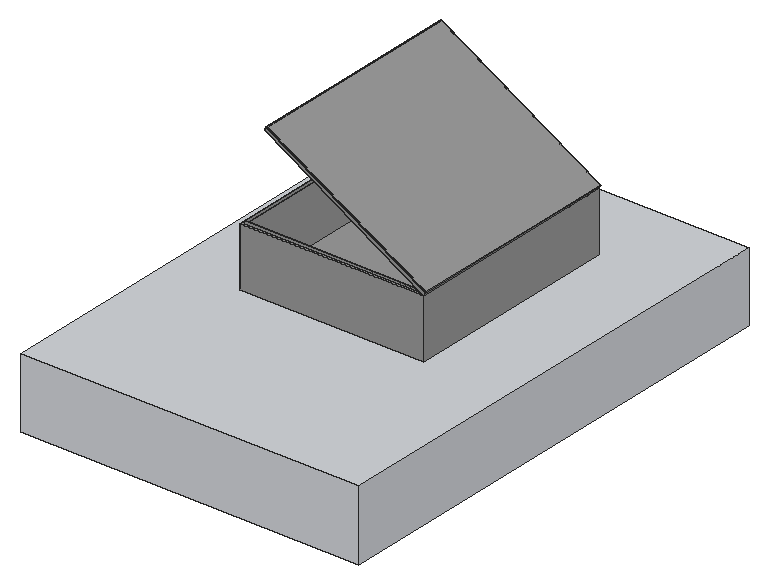
Revit family "Hager-Univers-IP55-D275-H950-Cl.I-Steel_encl-PL-pl", category Equipement électrique, Revit 2020
Family settings
  Hôte = Face
  Configuration du panneau = Deux colonnes, circuits au sein
  Cote de connecteur circulaire = Utiliser le diamètre
  Type d'élément = Tableau de raccordement
  Couper avec des vides une fois chargée = Non
  Partagée = Non
  Point de calcul de pièce = Non
Parameters (values of type "Montaż natynkowy IP55 S800 W950 G275  - FR63E")
  Width Control [instance] = if([EF000008 - Szerokość] > Min Width, [EF000008 - Szerokość], Min Width)  # 800 mm
  Commentaires du type = [HG000003 - Zakres]  # "Univers"
  Thickness Door [instance] = if([EF009171 - Drzwi/pokrywa z materiału o wysokiej wytrzymałości mechanicznej] > 3 mm, 3 mm, [EF009171 - Drzwi/pokrywa z materiału o wysokiej wytrzymałości mechanicznej])  # 1.5 mm
  Seal Frame Offset [instance] = 17 mm  # constant formula
  Plinth Visibility [instance] = [HG000027 - Wysokość cokołu] > 0 mm  # no
  Model = ""
  Min Width [instance] = 100 mm  # constant formula
  Min Height [instance] = 100 mm  # constant formula
  Min Depth [instance] = (2 * [EF009170 - Obudowa z materiału o wysokiej wytrzymałości mechanicznej]) + 1 mm  # 4 mm
  Internal Frame Depth [instance] = (Door System Depth * 0.5)  # 9 mm
  Height Control [instance] = if([EF000040 - Wysokość] > Min Height, [EF000040 - Wysokość], Min Height)  # 950 mm
  HG000027 - Wysokość cokołu = 0 mm
  HG000026 - Stojąca = no
  HG000024 - Wysokość części dolnej = 800 mm
  HG000023 - Obudowa dwusekcyjna = no
  HG000016 - Widoczność drzwi w widoku 3D [instance] = yes
  HG000015 - Przestrzeń robocza - otwarcie drzwi [instance] = no
  HG000014 - Drzwi prawe [instance] = yes
  HG000013 - Drzwi lewe [instance] = not([HG000014 - Drzwi prawe])  # no
  HG000012 - Kąt otwarcia drzwi [instance] = 30.00°
  HG000010 - Drzwi asymetryczne = no
  HG000009 - Drzwi dwuskrzydłowe = no
  HG000006 - Montaż podtynkowy = no
  HG000004 - Referencja producenta = "FR63E"
  HG000003 - Zakres = "Univers"
  HG000002 - Z drzwiami lub pokrywą = yes
  Frame Offset Bottom [instance] = 10 mm  # constant formula
  Frame Offset [instance] = 15 mm  # constant formula
  EF015940 - Pokrywa z wyzwalaczem nadciśnieniowym = no
  EF011959 - Stopień ochrony (NEMA) = ""
  EF009554 - Liczba otworów pod flansze = 6
  Fabricant = "Hager"  # constant formula
  EF009212 - Wykonanie pokrywy = "EV000116 - Zamknięty"
  EF009171 - Drzwi/pokrywa z materiału o wysokiej wytrzymałości mechanicznej = 1.5 mm
  EF009170 - Obudowa z materiału o wysokiej wytrzymałości mechanicznej = 1.5 mm
  EF008873 - Prąd znamionowy (In) = 800 A
  EF007800 - Do ochrony odgromowej = no
  EF006306 - Z zamkiem = no
  EF006244 - Transparentna pokrywa/drzwi = no
  EF005474 - Stopień ochrony (IP) = "EV006420 - IP55"
  EF004464 - Rodzaj drzwi = "EV002646 - Pojedynczy"
  EF004427 - Liczba modułów = 216
  EF004293 - Odporność udarowa = "EV008784 - IK10"
  EF003532 - Do zastosowań zewnętrznych = no
  EF002950 - Szerokość wyrażona liczbą modułów = 24
  EF001613 - Podtrzymanie funkcji = "EV000494 - Brak"
  EF001596 - Materiał obudowy = "EV000179 - Stal"
  EF001131 - Głębokość wewnętrzna = 275 mm
  EF001088 - Możliwość rozbudowy = yes
  EF000437 - Liczba wejść kablowych = 6
  EF000339 - Rodzaj pokrywy = "EV004216 - Drzwi"
  EF000266 - Liczba rzędów = 6
  EF000218 - Głębokość wbudowania = 0 mm
  EF000118 - Z płytą montażową = no
  EF000116 - Numer RAL = "7035"
  EF000049 - Głębokość = 275 mm
  EF000040 - Wysokość = 950 mm
  EF000008 - Szerokość = 800 mm
  EF000007 - Kolor = "EV000270 - Szary"
  EF000003 - Sposób montażu = "EV000384 - Montaż natynkowy"
  Door System Leaf Tolerance [instance] = 1.5 mm  # constant formula
  Door System Depth [instance] = 18 mm  # constant formula
  Door Height [instance] = Height Control - [HG000027 - Wysokość cokołu]  # 950 mm
  Depth Control [instance] = if([EF000049 - Głębokość] > Min Depth, [EF000049 - Głębokość], Min Depth)  # 275 mm
  Default Elevation = 0 mm
  Connector Offset [instance] = Height Control / 2  # 475 mm
  Bottom Top Plate Trim [instance] = 1.5 mm  # constant formula
  Plinth height Ctrl [instance] = if([HG000027 - Wysokość cokołu] > 0 mm, [HG000027 - Wysokość cokołu], 12 mm)  # 12 mm
Types (5, lengths in mm): name | Width Control | HG000010 - Drzwi asymetryczne | HG000009 - Drzwi dwuskrzydłowe | HG000004 - Referencja producenta | EF009554 - Liczba otworów pod flansze | EF004464 - Rodzaj drzwi | EF004427 - Liczba modułów | EF000437 - Liczba wejść kablowych | EF000008 - Szerokość
  Montaż natynkowy IP55 S1050 W950 G275  - FR64E | 1050 | no | yes | "FR64E" | 8 | "EV003602 - Podwójny" | 288 | 8 | 1050
  Montaż natynkowy IP55 S1300 W950 G275  - FR65E | 1300 | yes | yes | "FR65E" | 10 | "EV003602 - Podwójny" | 360 | 10 | 1300
  Montaż natynkowy IP55 S300 W950 G275  - FR61E | 300 | no | no | "FR61E" | 2 | "EV002646 - Pojedynczy" | 72 | 2 | 300
  Montaż natynkowy IP55 S550 W950 G275  - FR62E | 550 | no | no | "FR62E" | 4 | "EV002646 - Pojedynczy" | 144 | 4 | 550
  Montaż natynkowy IP55 S800 W950 G275  - FR63E | 800 | no | no | "FR63E" | 6 | "EV002646 - Pojedynczy" | 216 | 6 | 800
Reference planes
  plane 1 "Center (Front/Back)": y = 0
  plane 2: z = 0
  plane 3 "Center (Left/Right)": x = 0
  plane 4: z = 275
  plane 5: y = 1.5
  plane 6: y = 475
  plane 7: y = 0
  plane 8: y = 950
  plane 9: z = 0
  plane 10: x = -385
  plane 11: x = 385
  plane 12: x = 383.5
  plane 13: x = -383.5
  plane 14: y = 948.5
  plane 15: x = -383
  plane 16: x = -400
  plane 17: x = 383
  plane 18: x = 400
  plane 19: x = 398.5
  plane 20: x = -398.5
  plane 21: y = 11.5
  plane 22: y = 950
  plane 23: y = 933.5
  plane 24: z = 257
  plane 25: z = 1.5
  plane 26: z = 255.5
  plane 27: z = 273.5
Forms (mm)
  Extrusion 1, solid
    sketch origin (0, 0, 0) x (1, 0, 0) y (0, 1, 0)
      loop
        line (-702.964, 1305) -> (-702.964, -811.445) -> (766.763, -811.445) -> (766.763, 1305) -> (-702.964, 1305)
    from 0 to -304.8
  Extrusion 2, solid, material "Hager_Steel_RAL7035_Light_Grey", visible <- "Plinth Visibility", detail levels medium+fine
    sketch origin (0, 0, 0) x (1, 0, 0) y (0, 1, 0)
      loop
        line (-400, 0) -> (400, 0) -> (400, 12) -> (-400, 12) -> (-400, 0)
    from 0 to 257
  Extrusion 3, solid, material "Hager_Steel_RAL7035_Light_Grey", detail levels medium+fine
    sketch origin (0, 0, 0) x (1, 0, 0) y (0, 1, 0)
      loop
        line (-400, 0) -> (400, 0) -> (400, 950) -> (-400, 950) -> (-400, 0)
    from 0 to 257
  Extrusion 4, void
    sketch origin (0, 0, 0) x (1, 0, 0) y (0, 1, 0)
      loop
        line (-398.5, 1.5) -> (398.5, 1.5) -> (398.5, 948.5) -> (-398.5, 948.5) -> (-398.5, 1.5)
    from 1.5 to 255.5
  Extrusion 5, void
    sketch origin (-381.607, -4572, 257) x (0, -1, 0) y (-1, 0, 0)
      loop
        line (-4583.5, 1.893) -> (-5505.5, 1.893) -> (-5505.5, -765.107) -> (-4583.5, -765.107) -> (-4583.5, 1.893)
    from 0 to 1.5 <- "EF009170 - Obudowa z materiału o wysokiej wytrzymałości mechanicznej"
  Extrusion 6, solid, material "Hager_Steel_RAL7035_Light_Grey", detail levels fine
    sketch origin (0, 0, 257) x (1, 0, 0) y (0, 1, 0)
      loop
        line (-383.5, 933.5) -> (-383.5, 11.5) -> (383.5, 11.5) -> (383.5, 933.5) -> (-383.5, 933.5)
      loop
        line (-385, 10) -> (385, 10) -> (385, 935) -> (-385, 935) -> (-385, 10)
    from 0 to 9 <- "Internal Frame Depth"
  Extrusion 7, solid, material "Hager_Steel_RAL7035_Light_Grey", detail levels coarse
    sketch origin (0, 0, 0) x (1, 0, 0) y (0, 1, 0)
      loop
        line (-400, 0) -> (400, 0) -> (400, 950) -> (-400, 950) -> (-400, 0)
    from 0 to 275
  Sweep 8, void
    path in 3D
      loop
        line (-400, 12, 0) -> (400, 12, 0) -> (400, 12, 257) -> (-400, 12, 257) -> (-400, 12, 0)
    profile origin (-400, 12, 128.5) x (-1, 0, 0) y (0, -1, 0)
      loop
        line (0, 0) -> (0, 1.5) -> (-1.5, 1.5)
        arc (-1.5, 1.5) -> (-1.061, 0.439) -> (0, 0) r 1.5
Cuts and joins
  Extrusion 4, Extrusion 5 cuts Extrusion 3
  Sweep 8 cuts Extrusion 2
Lines and regions (mm)
  Masking region 1
    outline origin (0, 0, 0) x (1, 0, 0) y (0, 0, 1)
      loop
        line (-400, 275) -> (-400, 0) -> (400, 0) -> (400, 275) -> (-400, 275)
  Masking region 2, detail levels medium+fine
    outline origin (0, 140, 0) x (0, 1, 0) y (0, 0, 1)
      loop
        line (-140, 0) -> (810, 0) -> (810, 257) -> (-140, 257) -> (-140, 0)
  Masking region 3, not visible, detail levels medium+fine
    outline origin (0, 297.922, 0) x (0, 1, 0) y (0, 0, 1)
      loop
        line (188.578, 0) -> (228.578, 0) -> (228.578, 263.5)
        arc (228.578, 263.5) -> (225.649, 270.571) -> (218.578, 273.5) r 10
        line (218.578, 273.5) -> (188.578, 273.5) -> (188.578, 0)
  Masking region 4, detail levels coarse
    outline origin (0, 0, 180) x (0, 1, 0) y (0, 0, 1)
      loop
        line (0, -180) -> (950, -180) -> (950, 95) -> (0, 95) -> (0, -180)
  Masking region 5, visible <- "Plinth Visibility", detail levels medium+fine
    outline origin (0, 52.24, 12.345) x (0, 0, -1) y (0, 1, 0)
      loop
        line (10.845, -40.24) -> (-243.155, -40.24)
        arc (-243.155, -40.24) -> (-243.594, -41.301) -> (-244.655, -41.74) r 1.5
        line (-244.655, -41.74) -> (-244.655, -52.24) -> (12.345, -52.24) -> (12.345, -41.74)
        arc (12.345, -41.74) -> (11.285, -41.301) -> (10.845, -40.24) r 1.5
  Masking region 6, detail levels medium+fine
    outline origin (-381.607, -4572, 257) x (-1, 0, 0) y (0, -1, 0)
      loop
        line (18.393, -5522) -> (18.393, -4572) -> (-781.607, -4572) -> (-781.607, -5522) -> (18.393, -5522)
  Masking region 7, visible <- "Plinth Visibility", detail levels medium+fine
    outline origin (-381.607, -4727, 257) x (-1, 0, 0) y (0, -1, 0)
      loop
        arc (16.893, -4739) -> (17.332, -4737.939) -> (18.393, -4737.5) r 1.5
        line (18.393, -4737.5) -> (18.393, -4727) -> (-781.607, -4727) -> (-781.607, -4737.5)
        arc (-781.607, -4737.5) -> (-780.546, -4737.939) -> (-780.107, -4739) r 1.5
        line (-780.107, -4739) -> (16.893, -4739)
  Masking region 8, detail levels coarse
    outline origin (-442.548, -4669.526, 257) x (-1, 0, 0) y (0, -1, 0)
      loop
        line (-42.548, -5619.526) -> (-42.548, -4669.526) -> (-842.548, -4669.526) -> (-842.548, -5619.526) -> (-42.548, -5619.526)
  sketch lines
    curve 1: line (-400, 12, 257) -> (-400, 12, 0)
    curve 2: line (400, 12, 257) -> (-400, 12, 257)
    curve 3: line (400, 12, 257) -> (400, 12, 0)
    curve 4: line (-400, 12, 0) -> (400, 12, 0)
Dimensions and locks
  "Depth Control": plane 4 to Extrusion 1
  "HG000027 - Wysokość cokołu": plane 1 "Center (Front/Back)" to plane 7
  "EF009170 - Obudowa z materiału o wysokiej wytrzymałości mechanicznej": plane 5 to plane 7
  locked: connector elem to plane 3 "Center (Left/Right)"
  equal spacing: plane 8, plane 6, plane 7
  locked: connector elem to plane 6
  "EF009170 - Obudowa z materiału o wysokiej wytrzymałości mechanicznej": plane 8 to plane 14
  "EF009170 - Obudowa z materiału o wysokiej wytrzymałości mechanicznej": plane 10 to plane 13
  "EF009170 - Obudowa z materiału o wysokiej wytrzymałości mechanicznej": plane 12 to plane 11
  "Frame Offset": plane 20 to plane 13
  "Frame Offset": plane 12 to plane 19
  "EF009170 - Obudowa z materiału o wysokiej wytrzymałości mechanicznej": plane 16 to plane 20
  "EF009170 - Obudowa z materiału o wysokiej wytrzymałości mechanicznej": plane 19 to plane 18
  "Seal Frame Offset": plane 16 to plane 15
  "Seal Frame Offset": plane 17 to plane 18
  "Frame Offset Bottom": plane 21 to plane 5
  "Frame Offset": plane 14 to plane 23
  equal spacing: plane 16, plane 3 "Center (Left/Right)", plane 18
  "Width Control": plane 16 to plane 18
  "EF009170 - Obudowa z materiału o wysokiej wytrzymałości mechanicznej": plane 4 to plane 27
  "EF009170 - Obudowa z materiału o wysokiej wytrzymałości mechanicznej": plane 24 to plane 26
  "EF009170 - Obudowa z materiału o wysokiej wytrzymałości mechanicznej": plane 25 to level
  "Door System Depth": plane 4 to plane 24
  "Height Control": plane 1 "Center (Front/Back)" to Extrusion 7 sketch curve
  "Height Control": Masking region 4 sketch curve to plane 1 "Center (Front/Back)"
  "Height Control": plane 1 "Center (Front/Back)" to plane 22
  "Bottom Top Plate Trim": profile plane to Sweep 8 sketch curve
  "Bottom Top Plate Trim": Sweep 8 sketch curve to profile plane
  "Plinth height Ctrl": plane 1 "Center (Front/Back)" to Extrusion 2 sketch curve
  "Plinth height Ctrl": Masking region 5 sketch curve to plane 1 "Center (Front/Back)"
  "Plinth height Ctrl": plane 1 "Center (Front/Back)" to Masking region 7 sketch curve
  "Thickness Door": Extrusion 6 sketch curve to Extrusion 6 sketch curve  (x3)
  "Thickness Door": cut or joined group of Extrusion 3, Extrusion 4, Extrusion 5 to Extrusion 6 sketch curve
  radius of Masking region 3 sketch curve = 10 mm
  "Bottom Top Plate Trim": radius of Masking region 5 sketch curve  (x2)
  "Bottom Top Plate Trim": radius of Sweep 8 sketch curve
  "Bottom Top Plate Trim": radius of Masking region 7 sketch curve  (x2)
  aligned and locked: plane 2 to Extrusion 1
  aligned and locked: level to Extrusion 1
  aligned and locked: level to Masking region 1 sketch curve
  aligned and locked: Masking region 1 sketch curve to plane 18
  aligned and locked: Masking region 1 sketch curve to plane 16
  aligned and locked: plane 7 to Masking region 2 sketch curve
  aligned and locked: level to Masking region 3 sketch curve
  aligned and locked: Masking region 3 sketch curve to plane 27
  aligned and locked: level to Masking region 2 sketch curve
  aligned and locked: plane 1 "Center (Front/Back)" to Extrusion 2 sketch curve
  aligned and locked: Extrusion 3 sketch curve to plane 7
  aligned and locked: plane 16 to Extrusion 3 sketch curve
  aligned and locked: plane 18 to Extrusion 3 sketch curve
  aligned and locked: plane 20 to Extrusion 4 sketch curve
  aligned and locked: plane 19 to Extrusion 4 sketch curve
  aligned and locked: Extrusion 4 sketch curve to plane 5
  aligned and locked: Extrusion 4 to plane 25
  aligned and locked: plane 26 to Extrusion 4
  aligned and locked: plane 24 to Extrusion 3
  aligned and locked: Extrusion 5 sketch curve to plane 21
  aligned and locked: Extrusion 5 sketch curve to plane 13
  aligned and locked: Extrusion 5 sketch curve to plane 12
  aligned and locked: plane 18 to Extrusion 7 sketch curve
  aligned and locked: plane 1 "Center (Front/Back)" to Extrusion 7 sketch curve
  aligned and locked: plane 16 to Extrusion 7 sketch curve
  aligned and locked: plane 4 to Extrusion 7
  aligned and locked: Extrusion 7 to level
  aligned and locked: level to Masking region 4 sketch curve
  aligned and locked: Masking region 4 sketch curve to plane 1 "Center (Front/Back)"
  aligned and locked: Masking region 4 sketch curve to plane 4
  aligned and locked: nested 1 to level
  aligned and locked: nested 1 to plane 16
  aligned and locked: plane 8 to Extrusion 3 sketch curve
  aligned and locked: plane 23 to Extrusion 5 sketch curve
  aligned and locked: plane 14 to Extrusion 4 sketch curve
  aligned and locked: Masking region 2 sketch curve to plane 8
  aligned and locked: level to Masking region 5 sketch curve
  aligned and locked: plane 16 to Extrusion 2 sketch curve
  aligned and locked: plane 18 to Extrusion 2 sketch curve
  aligned and locked: Masking region 5 sketch curve to plane 24
  aligned and locked: Masking region 2 sketch curve to plane 24
  aligned and locked: plane 24 to Extrusion 2
  aligned and locked: profile plane to Sweep 8 sketch curve  (x2)
  aligned and locked: Masking region 6 sketch curve to plane 18
  aligned and locked: Masking region 6 sketch curve to plane 22
  aligned and locked: Masking region 6 sketch curve to plane 16
  aligned and locked: plane 8 to plane 22
  aligned and locked: Masking region 6 sketch curve to plane 7
  aligned and locked: Masking region 7 sketch curve to plane 16
  aligned and locked: Masking region 7 sketch curve to plane 1 "Center (Front/Back)"
  aligned and locked: Masking region 7 sketch curve to plane 18
  aligned and locked: Masking region 8 sketch curve to plane 1 "Center (Front/Back)"
  aligned and locked: Masking region 8 sketch curve to plane 18
  aligned and locked: Masking region 8 sketch curve to plane 22
  aligned and locked: Masking region 8 sketch curve to plane 16
  aligned and locked: nested 2 to plane 7
  aligned and locked: plane 3 "Center (Left/Right)" to nested 2
  aligned and locked: nested 2 to plane 24
  aligned and locked: Extrusion 6 sketch curve to cut or joined group of Extrusion 3, Extrusion 4, Extrusion 5  (x4)
Automatic sketch dimensions
  Extrusion 1 sketch curve to Extrusion 1 sketch curve = 1469.727 mm
  Extrusion 1 sketch curve to Extrusion 1 sketch curve = 2116.445 mm
  Masking region 1 sketch curve to plane 4 = 0 mm
  plane 6 to Masking region 3 sketch curve = 11.5 mm
  Masking region 3 sketch curve to Masking region 3 sketch curve = 30 mm
  Masking region 5 sketch curve to plane 1 "Center (Front/Back)" = 0 mm
Nested families
  nested 1: "Hager_Enclosure_Symbol" at (-400, 0, 0) x (1, 0, 0) z (0, -1, 0), Height <- "Depth Control", Width <- "Width Control", type "Hager_Enclosure_Symbol"
    with Width_Ctrl 800 mm, Width 800 mm, Height_Ctrl 275 mm, Height 275 mm, A_Width_Int 18.047 mm, A_Width 216.562 mm, A_Height_Ctrl 240.625 mm, A_Height 240.625 mm
  nested 2: "EC000058_Univers_Door" at (0, 0, 257) x (1, 0, 0) z (0, 1, 0), Leaf_Tolerance <- "Door System Leaf Tolerance", Angle <- "HG000012 - Kąt otwarcia drzwi", Door_Depth <- "Door System Depth", Door_Left <- "HG000013 - Drzwi lewe", Transparent <- "EF006244 - Transparentna pokrywa/drzwi", Assymetrical <- "HG000010 - Drzwi asymetryczne", Width <- "Width Control", Clearance <- "HG000015 - Przestrzeń robocza - otwarcie drzwi", Double <- "HG000009 - Drzwi dwuskrzydłowe", 3d_Door <- "HG000016 - Widoczność drzwi w widoku 3D", Lock_Visibility <- "EF006306 - Z zamkiem", Width_Ctrl <- "Width Control", Door_Right <- "HG000014 - Drzwi prawe", Door <- "HG000002 - Z drzwiami lub pokrywą", Height <- "Door Height", Thickness <- "Thickness Door", type "EC000058_Univers_Door", detail levels medium+fine
    with min_wh 4 mm, Width_Ctrl 800 mm, Width 800 mm, Transparent no, Thickness 1.5 mm, Seal_Material Hager_Rubber, Lock_Visibility no, Lock_Material Hager_Plastic_RAL9005_Jet_Black, Leaf_Width 800 mm, Leaf_Tolerance_External_Sides 0 mm, Leaf_Tolerance 1.5 mm, Leaf_Offset 0 mm, Leaf_Height 947 mm, Leaf_2_Width 800 mm, Leaf_2_Offset 400 mm, Leaf_1_Width 800 mm, Leaf_1_Offset 400 mm, Height_Ctrl 950 mm, Height 950 mm, Glass_Material Hager_Glass, Double_Clearance_Ctrl no, Double no, Door_Right_Ctrl yes, Door_Right yes, Door_Material Hager_Steel_RAL7035_Light_Grey, Door_Left_Ctrl no, Door_Left no, Door_Depth 18 mm, Door yes, Clearance_Material Hager_Clearance, Clearance_Depth 800 mm, Clearance_Ctrl no, Clearance no, Assymetrical no, Angle 30.00°, 3d_Door yes
Connectors
  electrical at (0, 475, 0)
    settings: on plane 9, index 1, voltage 0 V, apparent load 0 VA, apparent load phase1 0 VA, apparent load phase2 0 VA, apparent load phase3 0 VA, power factor 1, load classification "Other", number of poles 1, system type 30, power factor state 1, is connector primary yes, connector utility no, sub classification motor no, connector description ""
Definition of nested family "EC000058_Univers_Door"
  Parameters (values of type "EC000058_Univers_Door")
    min_wh [instance] = (2 * Thickness) + 1 mm  # 11 mm
    Width_Ctrl [instance] = 400 mm
    Width [instance] = 500 mm
    Transparent [instance] = yes
    Thickness [instance] = 5 mm
    Seal_Material [instance] = none
    Lock_Visibility [instance] = yes
    Lock_Material [instance] = none
    Leaf_Width [instance] = if((Width_Ctrl - 2 * Leaf_Tolerance_External_Sides) > 0 mm, (Width_Ctrl - 2 * Leaf_Tolerance_External_Sides), min_wh)  # 400 mm
    Leaf_Tolerance_External_Sides [instance] = 0 mm  # constant formula
    Leaf_Tolerance [instance] = 1.5 mm
    Leaf_Offset [instance] = 0 mm  # constant formula
    Leaf_Height [instance] = if((Height_Ctrl - 2 * Leaf_Tolerance) > 0 mm, (Height_Ctrl - 2 * Leaf_Tolerance), min_wh)  # 497 mm
    Leaf_2_Width [instance] = if(and(and(Double, Assymetrical), Door_Left), (Leaf_Width / 3) - (Leaf_Tolerance / 2), if(and(and(Double, Assymetrical), Door_Right), (Leaf_Width / 3) * 2 - (Leaf_Tolerance / 2), if(and(Double, not(Assymetrical)), (Leaf_Width / 2) - Leaf_Tolerance, Leaf_Width)))  # 400 mm
    Leaf_2_Offset [instance] = if(and(Double, Assymetrical), Leaf_2_Width / 2, if(and(Double, not(Assymetrical)), Leaf_Width / 4, Leaf_Width / 2))  # 200 mm
    Leaf_1_Width [instance] = if(and(and(Double, Assymetrical), Door_Right), (Leaf_Width / 3) - (Leaf_Tolerance / 2), if(and(and(Double, Assymetrical), Door_Left), (Width / 3) * 2 - (Leaf_Tolerance / 2), if(and(Double, not(Assymetrical)), (Leaf_Width / 2) - Leaf_Tolerance, Leaf_Width)))  # 400 mm
    Leaf_1_Offset [instance] = if(and(Double, Assymetrical), Leaf_1_Width / 2, if(and(Double, not(Assymetrical)), Leaf_Width / 4, Leaf_Width / 2))  # 200 mm
    Height_Ctrl [instance] = if(Height > min_wh, Height, min_wh)  # 500 mm
    Height [instance] = 500 mm
    Glass_Material [instance] = none
    Double_Clearance_Ctrl [instance] = and(Double, Clearance)  # no
    Double [instance] = no
    Door_Right_Ctrl [instance] = and(or(Door_Right, Double), Door)  # yes
    Door_Right [instance] = yes
    Door_Material [instance] = none
    Door_Left_Ctrl [instance] = and(or(Door_Left, Double), Door)  # no
    Door_Left [instance] = no
    Door_Depth [instance] = 30 mm
    Door [instance] = yes
    Default Elevation = 1219.2 mm
    Clearance_Material [instance] = none
    Clearance_Depth [instance] = if(Leaf_1_Width > Leaf_2_Width, Leaf_1_Width, Leaf_2_Width)  # 400 mm
    Clearance_Ctrl [instance] = and(not(Double), Clearance)  # yes
    Clearance [instance] = yes
    Assymetrical [instance] = yes
    Angle [instance] = 30.00°
    3d_Door [instance] = yes
  Reference planes
    plane 1 "Center (Front/Back)": y = 0
    plane 2 "Bottom": z = 0
    plane 3 "Center (Left/Right)": x = 0
    plane 4: z = 500
    plane 5: x = -200
    plane 6: x = 200
    plane 7: z = 500
    plane 8: x = -200
    plane 9: z = 0
    plane 10: x = 200
    plane 11: y = 0
    plane 12: z = 1.5
    plane 13: x = -600
    plane 14: y = -400
    plane 15: x = 600
    plane 16: x = 0
    plane 17: x = 0
    plane 18: x = -200
    plane 19: x = 200
    plane 20: z = 498.5
  Forms (mm)
    Extrusion 1, solid, material <- "Clearance_Material", visible <- "Double_Clearance_Ctrl"
      sketch origin (1200, 0, 0) x (1, 0, 0) y (0, 0, -1)
        loop
          line (-1800, -498.5) -> (-600, -498.5) -> (-600, 0) -> (-1800, 0) -> (-1800, -498.5)
      from 0 to -400
  Dimensions and locks
    equal spacing: plane 5, plane 3 "Center (Left/Right)", plane 6
    "Width_Ctrl": plane 5 to plane 6
    "Leaf_Offset": plane 5 to plane 8
    "Leaf_Offset": plane 6 to plane 10
    "Leaf_Offset": plane 9 to level
    "Leaf_Offset": plane 4 to plane 7
    "Height_Ctrl": plane 4 to level
    "Leaf_Tolerance": plane 12 to plane 9
    locked: plane 11 to plane 1 "Center (Front/Back)"
    "Leaf_1_Offset": plane 18 to plane 16
    "Leaf_2_Offset": plane 17 to plane 19
    "Leaf_1_Width": plane 13 to plane 8
    "Leaf_2_Width": plane 10 to plane 15
    "Clearance_Depth": plane 14 to plane 1 "Center (Front/Back)"
    "Leaf_Tolerance_External_Sides": plane 8 to plane 18
    "Leaf_Tolerance_External_Sides": plane 19 to plane 10
    "Leaf_Tolerance": plane 7 to plane 20
    aligned and locked: level to plane 2 "Bottom"
    aligned and locked: nested 1 to plane 16
    aligned and locked: nested 2 to plane 17
    aligned and locked: Extrusion 1 to plane 13
    aligned and locked: plane 15 to Extrusion 1
    aligned and locked: Extrusion 1 to plane 14
    aligned and locked: plane 12 to nested 1
    aligned and locked: nested 2 to plane 12
    aligned and locked: Extrusion 1 to plane 11
    aligned and locked: plane 20 to Extrusion 1
    aligned and locked: nested 2 to plane 11
    aligned and locked: nested 1 to plane 11
  Automatic sketch dimensions
    Extrusion 1 sketch curve to level = 0 mm
    plane 5 to Extrusion 1 sketch curve = 400 mm
    plane 6 to Extrusion 1 sketch curve = 400 mm
    Extrusion 1 sketch curve to plane 4 = 1.5 mm
  Nested families
    nested 1: "EC000058_Univers_Door_Leaf" at (0, 0, 1.5), Width <- "Leaf_1_Width", visible <- "Door_Left_Ctrl", Leaf_Height <- "Leaf_Height", Angle <- "Angle", 3d_Door <- "3d_Door", Transparent <- "Transparent", Clearance Material <- "Clearance_Material", Clearance <- "Clearance_Ctrl", Door_Material <- "Door_Material", Glass_Material <- "Glass_Material", Door_Depth <- "Door_Depth", Lock_Material <- "Lock_Material", Seal_Material <- "Seal_Material", Lock_Visibility <- "Lock_Visibility", Thickness <- "Thickness", type "EC000058_Univers_Door_Leaf"
      with Width 400 mm, Transparent_Glass_Offset 30 mm, Transparent_Ctrl yes, Transparent yes, Thickness 5 mm, Standard no, Seal_Material none, Seal_D2 8 mm, Seal_D1 1 mm, Offset_Internal_Frame 10 mm, Lock_Width 20 mm, Lock_Visibility_3d yes, Lock_Visibility yes, Lock_Thickness_3 3 mm, Lock_Thickness_2 1 mm, Lock_Thickness_1 3 mm, Lock_Radius_Offset_2 16 mm, Lock_Radius_Offset_1 15 mm, Lock_Radius_2 5 mm, Lock_Radius 6 mm, Lock_Offset 5 mm, Lock_Material none, Lock_Height 80 mm, Lock_Cover_Top_Offset_2d 17 mm, Lock_Cover_Height -65 mm, Leaf_Height 497 mm, Internal_Seal_Thickness 8 mm, Internal_Seal_Depth_2 4.5 mm, Internal_Frame_Depth 25 mm, Glass_Thickness -1 mm, Glass_Offset -2 mm, Glass_Material none, Door_Material none, Door_Depth 30 mm, Clearance Material none, Clearance yes, Angle_Ctrl 30.00°, Angle 30.00°, 3d_Door yes
    nested 2: "EC000058_Univers_Door_Leaf" at (0, 0, 1.5) x (-1, 0, 0) z (0, 0, 1), Width <- "Leaf_2_Width", visible <- "Door_Right_Ctrl", Leaf_Height <- "Leaf_Height", Angle <- "Angle", 3d_Door <- "3d_Door", Transparent <- "Transparent", Clearance Material <- "Clearance_Material", Clearance <- "Clearance_Ctrl", Door_Material <- "Door_Material", Glass_Material <- "Glass_Material", Door_Depth <- "Door_Depth", Lock_Material <- "Lock_Material", Seal_Material <- "Seal_Material", Lock_Visibility <- "Lock_Visibility", Thickness <- "Thickness", type "EC000058_Univers_Door_Leaf"
      with Width 400 mm, Transparent_Glass_Offset 30 mm, Transparent_Ctrl yes, Transparent yes, Thickness 5 mm, Standard no, Seal_Material none, Seal_D2 8 mm, Seal_D1 1 mm, Offset_Internal_Frame 10 mm, Lock_Width 20 mm, Lock_Visibility_3d yes, Lock_Visibility yes, Lock_Thickness_3 3 mm, Lock_Thickness_2 1 mm, Lock_Thickness_1 3 mm, Lock_Radius_Offset_2 16 mm, Lock_Radius_Offset_1 15 mm, Lock_Radius_2 5 mm, Lock_Radius 6 mm, Lock_Offset 5 mm, Lock_Material none, Lock_Height 80 mm, Lock_Cover_Top_Offset_2d 17 mm, Lock_Cover_Height -65 mm, Leaf_Height 497 mm, Internal_Seal_Thickness 8 mm, Internal_Seal_Depth_2 4.5 mm, Internal_Frame_Depth 25 mm, Glass_Thickness -1 mm, Glass_Offset -2 mm, Glass_Material none, Door_Material none, Door_Depth 30 mm, Clearance Material none, Clearance yes, Angle_Ctrl 30.00°, Angle 30.00°, 3d_Door yes
  Definition of nested family "EC000058_Univers_Door_Leaf"
    Parameters (values of type "EC000058_Univers_Door_Leaf")
      Width [instance] = 2000 mm
      Transparent_Glass_Offset [instance] = 30 mm
      Transparent_Ctrl [instance] = and(Transparent, [3d_Door])  # yes
      Transparent [instance] = yes
      Thickness [instance] = 5 mm
      Standard [instance] = and(not(Transparent), [3d_Door])  # no
      Seal_Material [instance] = none
      Seal_D2 [instance] = 8 mm  # constant formula
      Seal_D1 [instance] = 1 mm  # constant formula
      Offset_Internal_Frame [instance] = 10 mm  # constant formula
      Lock_Width [instance] = 20 mm  # constant formula
      Lock_Visibility_3d [instance] = and(Lock_Visibility, [3d_Door])  # yes
      Lock_Visibility [instance] = yes
      Lock_Thickness_3 [instance] = 3 mm  # constant formula
      Lock_Thickness_2 [instance] = 1 mm  # constant formula
      Lock_Thickness_1 [instance] = 3 mm  # constant formula
      Lock_Radius_Offset_2 [instance] = Lock_Radius_Offset_1 + 1 mm  # 16 mm
      Lock_Radius_Offset_1 [instance] = 15 mm  # constant formula
      Lock_Radius_2 [instance] = Lock_Radius - 1 mm  # 5 mm
      Lock_Radius [instance] = 6 mm  # constant formula
      Lock_Offset [instance] = 5 mm  # constant formula
      Lock_Material [instance] = none
      Lock_Height [instance] = 80 mm  # constant formula
      Lock_Cover_Top_Offset_2d [instance] = Lock_Radius_Offset_2 + 1 mm  # 17 mm
      Lock_Cover_Height [instance] = -(Lock_Height - Lock_Radius_Offset_1)  # -65 mm
      Leaf_Height [instance] = 2720.336 mm
      Internal_Seal_Thickness [instance] = 8 mm  # constant formula
      Internal_Seal_Depth_2 [instance] = 4.5 mm  # constant formula
      Internal_Frame_Depth [instance] = if(Door_Depth - Thickness > 5 mm, Door_Depth - Thickness, 5 mm)  # 25 mm
      Glass_Thickness [instance] = if(Thickness > 15 mm, Glass_Offset + 10 mm, -1 mm)  # -1 mm
      Glass_Offset [instance] = if(Thickness > 15 mm, -(Thickness + 10 mm) / 2, -2 mm)  # -2 mm
      Glass_Material [instance] = none
      Door_Material [instance] = none
      Door_Depth [instance] = 30 mm
      Default Elevation = 0 mm
      Clearance Material [instance] = none
      Clearance [instance] = yes
      Angle_Ctrl [instance] = if(Angle > 180.00°, 180.00°, Angle)  # 90.00°
      Angle [instance] = 90.00°
      3d_Door [instance] = yes
    Reference planes
      plane 1 "Center (Front/Back)": y = 0
      plane 2: z = 0
      plane 3 "Center (Left/Right)": x = 0
      plane 4: y = 2000
      plane 5: x = -1000
      plane 6: x = 1000
      plane 7: x = -3000
      plane 8: z = 2720.336
      plane 9: z = 30
      plane 10: z = 2690.336
      plane 11: x = 970
      plane 12: x = -970
      plane 13: y = -3
      plane 14: z = 107.833
      plane 15: y = -5
      plane 16: y = -223.314
      plane 17: x = -1000
      plane 18: z = 1360.168
      plane 19: y = 30
    Forms (mm)
      Extrusion 1, solid, material <- "Clearance Material", visible <- "Clearance"
        sketch origin (0, 0, 0) x (1, 0, 0) y (0, 0, 1)
          loop
            line (-3000, 2720.336) -> (-3000, 0) -> (1000, 0) -> (1000, 2720.336) -> (-3000, 2720.336)
        from 0 to -2000
      Extrusion 2, solid, material <- "Door_Material", visible <- "Standard", detail levels medium+fine
        sketch origin (-1000, 0, 0) x (0, 1, 0) y (-1, 0, 0)
          loop
            line (0, 30) -> (0, 25) -> (2000, 25) -> (2000, 30) -> (0, 30)
        from 0 to 2720.336 <- "Leaf_Height"
      Extrusion 3, solid, material <- "Door_Material", visible <- "Transparent_Ctrl", detail levels medium+fine
        sketch origin (-1000, 0, 0) x (0, 1, 0) y (-1, 0, 0)
          loop
            line (0, 25) -> (2000, 25) -> (2000, 30) -> (0, 30) -> (0, 25)
        from 0 to 2720.336 <- "Leaf_Height"
      Extrusion 4, void
        sketch origin (-1025, 2000, 0) x (0, 1, 0) y (0, 0, -1)
          loop
            line (-30, -2690.336) -> (-30, -30) -> (-1970, -30) -> (-1970, -2690.336) -> (-30, -2690.336)
        from 0 to 5 <- "Thickness"
      Sweep 5, solid, material <- "Seal_Material", visible <- "Transparent_Ctrl", detail levels fine
        path in 3D
          loop
            line (-1025, 30, 30) -> (-1025, 30, 2690.336) -> (-1025, 1970, 2690.336) -> (-1025, 1970, 30) -> (-1025, 30, 30)
        profile origin (-1025, 1000, 30) x (1, 0, 0) y (0, 0, 1)
          loop
            line (0, 0) -> (0, -8) -> (1, -8) -> (1, 0) -> (0, 0)
      Extrusion 6, solid, material <- "Glass_Material", visible <- "Transparent_Ctrl", detail levels medium+fine
        sketch origin (-1030, 0, 0) x (0, 1, 0) y (0, 0, -1)
          loop
            line (1970, -2690.336) -> (1970, -30) -> (30, -30) -> (30, -2690.336) -> (1970, -2690.336)
        from -2 <- "Glass_Offset" to -1 <- "Glass_Thickness"
      Extrusion 7, solid, material <- "Door_Material", visible <- "3d_Door", detail levels medium+fine
        sketch origin (-1025, 2000, 0) x (0, -1, 0) y (0, 0, -1)
          loop
            line (0, -2720.336) -> (2000, -2720.336) -> (2000, 0) -> (0, 0) -> (0, -2720.336)
          loop
            line (1995, -5) -> (5, -5) -> (5, -2715.336) -> (1995, -2715.336) -> (1995, -5)
        from 0 to 25 <- "Internal_Frame_Depth"
      Sweep 8, solid, material <- "Seal_Material", visible <- "Transparent_Ctrl", detail levels fine
        path in 3D
          loop
            line (-1025, 0, 0) -> (-1025, 2000, 0) -> (-1025, 2000, 2720.336) -> (-1025, 0, 2720.336) -> (-1025, 0, 0)
        profile origin (-1025, 0, 1360.168) x (1, 0, 0) y (0, 1, 0)
          loop
            line (0, 10) -> (2.975, 10)
            arc (2.975, 10) -> (4.053, 10.447) -> (4.5, 11.525) r 1.525
            line (4.5, 11.525) -> (4.5, 16.527)
            arc (4.5, 16.527) -> (4.069, 17.569) -> (3.027, 18) r 1.473
            line (3.027, 18) -> (0, 18) -> (0, 10)
      Extrusion 9, solid, material <- "Lock_Material", visible <- "Lock_Visibility_3d", detail levels fine
        sketch origin (-1030, 0, 0) x (0, 1, 0) y (0, 0, -1)
          loop
            arc (1993.5, -1400.168) -> (1994.561, -1399.729) -> (1995, -1398.668) r 1.5
            line (1995, -1398.668) -> (1995, -1320.168) -> (1975, -1320.168) -> (1975, -1398.668)
            arc (1975, -1398.668) -> (1975.439, -1399.729) -> (1976.5, -1400.168) r 1.5
            line (1976.5, -1400.168) -> (1993.5, -1400.168)
        from 3 <- "Lock_Thickness_1" to 0
      Blend 10, solid, material <- "Lock_Material", visible <- "Lock_Visibility_3d", detail levels fine
        base sketch origin (-1033, 0, 0) x (0, 1, 0) y (0, 0, -1)
          loop
            line (1975, -1320.168) -> (1975, -1398.668)
            arc (1975, -1398.668) -> (1975.439, -1399.729) -> (1976.5, -1400.168) r 1.5
            line (1976.5, -1400.168) -> (1993.5, -1400.168)
            arc (1993.5, -1400.168) -> (1994.561, -1399.729) -> (1995, -1398.668) r 1.5
            line (1995, -1398.668) -> (1995, -1320.168) -> (1975, -1320.168)
        top sketch origin (-1033, 0, 0) x (0, 1, 0) y (0, 0, -1)
          loop
            line (1976, -1320.168) -> (1976, -1398.668)
            arc (1976, -1398.668) -> (1976.146, -1399.022) -> (1976.5, -1399.168) r 0.5
            line (1976.5, -1399.168) -> (1993.5, -1399.168)
            arc (1993.5, -1399.168) -> (1993.854, -1399.022) -> (1994, -1398.668) r 0.5
            line (1994, -1398.668) -> (1994, -1320.168) -> (1976, -1320.168)
        from 0 to 1 <- "Lock_Thickness_2"
      Blend 11, solid, material <- "Lock_Material", visible <- "Lock_Visibility_3d", detail levels fine
        base sketch origin (-1034, 0, 0) x (0, 1, 0) y (0, 0, -1)
          loop
            line (1978, -1320.168) -> (1978, -1384.168)
            arc (1978, -1384.168) -> (1985, -1391.168) -> (1992, -1384.168) r 7
            line (1992, -1384.168) -> (1992, -1320.168) -> (1978, -1320.168)
        top sketch origin (-1034, 0, 0) x (0, 1, 0) y (0, 0, -1)
          loop
            line (1991, -1320.168) -> (1979, -1320.168) -> (1979, -1383.168)
            arc (1979, -1383.168) -> (1985, -1389.168) -> (1991, -1383.168) r 6
            line (1991, -1383.168) -> (1991, -1320.168)
        from 0 to 3 <- "Lock_Thickness_3"
      Extrusion 12, solid, material <- "Lock_Material", visible <- "Lock_Visibility_3d", detail levels fine
        sketch origin (-1030, 1975, 1320.168) x (1, 0, 0) y (0, -1, 0)
          loop
            line (-7, -19) -> (-7, -1) -> (0, -1) -> (0, 0) -> (-8, 0) -> (-8, -20) -> (0, -20) -> (0, -19) -> (-7, -19)
        from 0 to -65 <- "Lock_Cover_Height"
      Extrusion 13, void
        sketch origin (-1038, 1995, 1320.168) x (-1, 0, 0) y (0, 0, -1)
          loop
            line (-5, -65) -> (0, -65) -> (-5, -60) -> (-5, -65)
        from 0 to 20 <- "Lock_Width"
      Extrusion 14, void
        sketch origin (-1038, 1975, 1320.168) x (0, -1, 0) y (0, 0, -1)
          loop
            circle (-10, -15.995) r 6
          loop
            circle (-10, -15.995) r 5
        from 0 to 2
      Extrusion 15, solid, material <- "Lock_Material", visible <- "Lock_Visibility_3d", detail levels medium
        sketch origin (-1030, 0, 0) x (0, 1, 0) y (0, 0, -1)
          loop
            arc (1993.5, -1400.168) -> (1994.561, -1399.729) -> (1995, -1398.668) r 1.5
            line (1995, -1398.668) -> (1995, -1320.168) -> (1975, -1320.168) -> (1975, -1398.668)
            arc (1975, -1398.668) -> (1975.439, -1399.729) -> (1976.5, -1400.168) r 1.5
            line (1976.5, -1400.168) -> (1993.5, -1400.168)
        from 8 to 0
    Cuts and joins
      Extrusion 4 cuts Extrusion 3
      Extrusion 13, Extrusion 14 cuts Extrusion 9
      Extrusion 14 cuts Blend 11
      Extrusion 13, Extrusion 14 cuts Extrusion 12
      joined: Extrusion 9, Blend 10, Blend 11, Extrusion 12
      Extrusion 14 cuts Extrusion 15
    Lines and regions (mm)
      Masking region 1, visible <- "Lock_Visibility", detail levels fine
        outline origin (0, 0, 0) x (0, 1, 0) y (0, 0, 1)
          loop
            line (30, 1320.168) -> (33, 1320.168) -> (33, 1400.168) -> (30, 1400.168) -> (30, 1320.168)
      Masking region 2, visible <- "Lock_Visibility", detail levels fine
        outline origin (0, 3.143, 0) x (0, 1, 0) y (0, 0, 1)
          loop
            line (29.857, 1354.168) -> (30.857, 1354.168) -> (30.857, 1366.168) -> (29.857, 1366.168) -> (29.857, 1354.168)
      Masking region 3, detail levels medium+fine
        outline origin (0, 0, 0) x (0, 1, 0) y (0, 0, 1)
          loop
            line (0, 0) -> (30, 0) -> (30, 2720.336) -> (0, 2720.336) -> (0, 0)
      Masking region 4, detail levels medium+fine
        outline origin (0, 0, 0) x (1, 0, 0) y (0, 0, 1)
          loop
            line (-1000, 2720.336) -> (-1000, 0) -> (1000, 0) -> (1000, 2720.336) -> (-1000, 2720.336)
      Masking region 5, visible <- "Lock_Visibility", detail levels fine
        outline origin (-47.116, 0, 0) x (1, 0, 0) y (0, 0, 1)
          loop
            arc (1024.616, 1399.168) -> (1023.556, 1398.729) -> (1023.116, 1397.668) r 1.5
            line (1023.116, 1397.668) -> (1023.116, 1320.168) -> (1041.116, 1320.168) -> (1041.116, 1397.668)
            arc (1041.116, 1397.668) -> (1040.677, 1398.729) -> (1039.616, 1399.168) r 1.5
            line (1039.616, 1399.168) -> (1024.616, 1399.168)
      Masking region 6, visible <- "Lock_Visibility", detail levels medium+fine
        outline origin (-25, 0, 0) x (1, 0, 0) y (0, 0, 1)
          loop
            arc (1001.5, 1400.168) -> (1000.439, 1399.729) -> (1000, 1398.668) r 1.5
            line (1000, 1398.668) -> (1000, 1320.168) -> (1020, 1320.168) -> (1020, 1398.668)
            arc (1020, 1398.668) -> (1019.561, 1399.729) -> (1018.5, 1400.168) r 1.5
            line (1018.5, 1400.168) -> (1001.5, 1400.168)
      Masking region 7, visible <- "Lock_Visibility", detail levels fine
        outline origin (-73.735, 0, 0) x (1, 0, 0) y (0, 0, 1)
          loop
            line (1051.735, 1382.168) -> (1065.735, 1382.168) -> (1065.735, 1384.168)
            arc (1065.735, 1384.168) -> (1058.735, 1391.168) -> (1051.735, 1384.168) r 7
            line (1051.735, 1384.168) -> (1051.735, 1382.168)
      Masking region 8, visible <- "Lock_Visibility", detail levels fine
        outline origin (-73.735, 0, 0) x (1, 0, 0) y (0, 0, 1)
          loop
            line (1052.735, 1382.168) -> (1064.735, 1382.168) -> (1064.735, 1383.168)
            arc (1064.735, 1383.168) -> (1058.735, 1389.168) -> (1052.735, 1383.168) r 6
            line (1052.735, 1383.168) -> (1052.735, 1382.168)
      Masking region 9, visible <- "Lock_Visibility", detail levels fine
        outline origin (-25, 0, 0) x (1, 0, 0) y (0, 0, 1)
          loop
            line (1020, 1320.168) -> (1020, 1382.168) -> (1000, 1382.168) -> (1000, 1320.168) -> (1020, 1320.168)
      Masking region 10, detail levels medium+fine
        outline origin (0, 0, 0) x (1, 0, 0) y (0, 0, 1)
          loop
            circle (985, 1335.144) r 6
      Masking region 11, detail levels fine
        outline origin (0, 0, 0) x (1, 0, 0) y (0, 0, 1)
          loop
            circle (985, 1335.144) r 5
      Masking region 12, visible <- "Lock_Visibility", detail levels fine
        outline origin (0, 12.767, 0) x (0, 1, 0) y (0, 0, 1)
          loop
            line (20.233, 1320.168) -> (21.233, 1320.168) -> (21.233, 1399.168) -> (20.233, 1400.168) -> (20.233, 1320.168)
      Masking region 13, visible <- "Lock_Visibility", detail levels fine
        outline origin (0, 13.767, -10) x (0, 1, 0) y (0, 0, 1)
          loop
            line (20.233, 1330.168) -> (23.233, 1330.168) -> (23.233, 1399.168) -> (20.233, 1402.168) -> (20.233, 1330.168)
      Masking region 14, visible <- "Lock_Visibility", detail levels fine
        outline origin (0, 12.767, -10) x (0, 1, 0) y (0, 0, 1)
          loop
            line (20.233, 1330.168) -> (25.233, 1330.168) -> (25.233, 1399.305) -> (20.233, 1394.305) -> (20.233, 1330.168)
      Masking region 15, visible <- "Lock_Visibility", detail levels medium
        outline origin (0, 0, 0) x (0, 1, 0) y (0, 0, 1)
          loop
            line (30, 1320.168) -> (38, 1320.168) -> (38, 1400.168) -> (30, 1400.168) -> (30, 1320.168)
      Masking region 16, visible <- "Lock_Visibility", detail levels fine
        outline origin (-1000, 0, 0) x (0, 1, 0) y (-1, 0, 0)
          loop
            line (1975, 30) -> (1995, 30) -> (1995, 38) -> (1975, 38) -> (1975, 30)
          loop
            line (1979, 37) -> (1976, 37) -> (1976, 34) -> (1978, 34) -> (1979, 37)
          loop
            line (1994, 37) -> (1991, 37) -> (1992, 34) -> (1994, 34) -> (1994, 37)
      Masking region 17, visible <- "Lock_Visibility", detail levels medium
        outline origin (-1000, 0, 0) x (0, 1, 0) y (-1, 0, 0)
          loop
            line (1975, 30) -> (1995, 30) -> (1995, 38) -> (1975, 38) -> (1975, 30)
      symbolic lines
        curve 1: line (1000, 0, 0) -> (-3000, 0, 0)
        curve 2: arc (1000, 0, 0) -> (-1000, 2000, 0) -> (-3000, 0, 0) r 2000
        curve 4: line (-1030, 0, 0) -> (-1030, 2000, 0)
      reference lines
        curve 3: line (-1000, 0, 0) -> (-1000, 2000, 0)
      symbolic lines, detail levels medium+fine
        curve 5: line (-1030, 2000, 0) -> (-1025, 2000, 0)
        curve 7: line (-1025, 0, 0) -> (-1030, 0, 0)
        curve 8: line (-1025, 0, 0) -> (-1000, 0, 0)
        curve 9: line (-1000, 0, 0) -> (-1000, 2000, 0)
        curve 10: line (-1000, 2000, 0) -> (-1025, 2000, 0)
      symbolic lines, detail levels fine
        curve 6: line (-1025, 2000, 0) -> (-1025, 0, 0)
      sketch lines
        curve 11: line (-1025, 0, 2720.336) -> (-1025, 0, 0)
        curve 12: line (-1025, 2000, 0) -> (-1025, 0, 0)
        curve 13: line (-1025, 2000, 2720.336) -> (-1025, 2000, 0)
        curve 14: line (-1025, 0, 2720.336) -> (-1025, 2000, 2720.336)
        curve 15: line (-1025, 1970, 30) -> (-1025, 30, 30)
        curve 16: line (-1025, 30, 30) -> (-1025, 30, 2690.336)
        curve 17: line (-1025, 1970, 2690.336) -> (-1025, 1970, 30)
        curve 18: line (-1025, 30, 2690.336) -> (-1025, 1970, 2690.336)
      symbolic lines, visible <- "Transparent", detail levels medium+fine
        curve 19: line (-970, 0, 2690.336) -> (970, 0, 2690.336)
        curve 20: line (-970, 0, 30) -> (-970, 0, 2690.336)
        curve 21: line (970, 0, 30) -> (-970, 0, 30)
        curve 22: line (970, 0, 2690.336) -> (970, 0, 30)
    Dimensions and locks
      "Width": plane 1 "Center (Front/Back)" to plane 4
      equal spacing: plane 5, plane 3 "Center (Left/Right)", plane 6
      "Width": plane 5 to plane 6
      "Width": plane 7 to plane 5
      "Leaf_Height": plane 8 to level
      "Width": curve 5 to curve 3
      "Width": curve 3 to curve 3
      plane 8 to plane 10 = 30 mm
      plane 9 to level = 30 mm
      plane 12 to plane 5 = 30 mm
      plane 6 to plane 11 = 30 mm
      Extrusion 1 to Extrusion 4 sketch curve = 30 mm
      "Transparent_Glass_Offset": curve 3 to Extrusion 4 sketch curve
      "Transparent_Glass_Offset": Extrusion 4 sketch curve to cut or joined group of Extrusion 3, Extrusion 4  (x2)
      cut or joined group of Extrusion 3, Extrusion 4 to Extrusion 6 sketch curve = 30 mm
      "Transparent_Glass_Offset": cut or joined group of Extrusion 3, Extrusion 4 to Extrusion 4 sketch curve
      "Thickness": curve 6 to curve 4
      "Thickness": Extrusion 7 sketch curve to Extrusion 7 sketch curve  (x4)
      "Door_Depth": curve 4 to curve 3
      "Offset_Internal_Frame": profile plane to Sweep 8 sketch curve
      "Internal_Seal_Thickness": Sweep 8 sketch curve to Sweep 8 sketch curve
      "Internal_Seal_Depth_2": profile plane to Sweep 8 sketch curve
      "Seal_D1": profile plane to Sweep 5 sketch curve
      "Seal_D2": profile plane to Sweep 5 sketch curve
      "Thickness": Extrusion 2 sketch curve to Extrusion 2 sketch curve
      equal spacing: Extrusion 9 sketch curve, plane 18, Extrusion 9 sketch curve  (x2)
      equal spacing: Masking region 1 sketch curve, plane 18, Masking region 1 sketch curve
      "Lock_Height": Masking region 1 sketch curve to Masking region 1 sketch curve
      "Lock_Radius": Masking region 2 sketch curve to plane 18 to Masking region 2 sketch curve
      Masking region 2 sketch curve to Masking region 1 = 1 mm
      "Door_Depth": plane 19 to plane 1 "Center (Front/Back)"
      "Lock_Thickness_1": Masking region 1 sketch curve to plane 19
      "Lock_Width": Extrusion 9 sketch curve to Extrusion 9 sketch curve
      "Lock_Height": Extrusion 9 sketch curve to Extrusion 9 sketch curve
      "Lock_Offset": cut or joined group of Extrusion 3, Extrusion 4 to Extrusion 9 sketch curve
      equal spacing: plane 8, plane 18, level
      "Lock_Radius_Offset_1": Blend 11 sketch curve to Blend 10
      locked: Blend 10 to Blend 11 sketch curve at 2  (x2)
      locked: var sketch to Blend 11 sketch curve at 1  (x2)
      "Lock_Radius_Offset_2": Blend 11 sketch curve to Blend 10
      locked: Extrusion 12 sketch curve to Extrusion 12 sketch curve at 1  (x3)
      Masking region 6 sketch curve to Masking region 6 sketch curve = 80 mm
      "Lock_Height": Masking region 6 sketch curve to Masking region 6 sketch curve
      "Lock_Width": Masking region 6 sketch curve to Masking region 6 sketch curve
      locked: Masking region 6 to Masking region 5 sketch curve at 1  (x3)
      locked: Masking region 5 to Masking region 7 sketch curve at 2  (x2)
      "Lock_Radius_Offset_1": Masking region 5 to Masking region 7 sketch curve
      "Lock_Radius_Offset_2": Masking region 5 to Masking region 8 sketch curve
      locked: Masking region 7 to Masking region 8 sketch curve at 1  (x2)
      "Lock_Cover_Top_Offset_2d": Masking region 5 to Masking region 9 sketch curve
      equal spacing: Masking region 9, Masking region 10 sketch curve, Masking region 9
      equal spacing: Masking region 9, Masking region 11 sketch curve, Masking region 9
      Extrusion 15 sketch curve to Extrusion 15 sketch curve = 80 mm
      "Lock_Width": Extrusion 15 sketch curve to Extrusion 15 sketch curve
      "Lock_Height": Extrusion 15 sketch curve to Extrusion 15 sketch curve
      equal spacing: Extrusion 15 sketch curve, plane 18, Extrusion 15 sketch curve
      "Lock_Thickness_3": Masking region 13 sketch curve to Masking region 13 sketch curve
      "Lock_Height": Masking region 12 sketch curve to Masking region 12 sketch curve
      locked: Masking region 13 sketch curve to Masking region 1 at 8
      locked: Masking region 14 sketch curve to Masking region 13 at 1
      locked: Masking region 14 sketch curve to Masking region 1 at 10.863
      "Lock_Height": Masking region 15 sketch curve to Masking region 15 sketch curve
      "Lock_Offset": Extrusion 15 sketch curve to cut or joined group of Extrusion 3, Extrusion 4
      "Lock_Offset": plane 6 to Masking region 6 sketch curve
      radius of Sweep 8 sketch curve = 1.525 mm
      radius of Sweep 8 sketch curve = 1.473 mm
      radius of Extrusion 9 sketch curve = 1.5 mm  (x2)
      "Lock_Radius": radius of Extrusion 14 sketch curve
      "Lock_Radius_2": radius of Extrusion 14 sketch curve
      "Lock_Radius": radius of Masking region 10 sketch curve
      "Lock_Radius_2": radius of Masking region 11 sketch curve
      radius of Extrusion 15 sketch curve = 1.5 mm  (x2)
      "Angle_Ctrl": angle plane 1 "Center (Front/Back)" to curve 3
      locked: Masking region 12 sketch curve to Masking region 12 sketch curve (angle 45.00°)
      locked: Masking region 13 sketch curve to Masking region 13 sketch curve (angle 45.00°)
      locked: Masking region 14 sketch curve to Masking region 14 sketch curve (angle 45.00°)
      aligned and locked: level to plane 2
      aligned and locked: Extrusion 1 to curve 1
      aligned and locked: plane 6 to Extrusion 1
      aligned and locked: Extrusion 1 to plane 1 "Center (Front/Back)"
      aligned and locked: plane 4 to Extrusion 1
      aligned and locked: plane 8 to Extrusion 1
      aligned and locked: curve 7 to Extrusion 2 sketch curve
      aligned and locked: curve 5 to Extrusion 2 sketch curve
      aligned and locked: curve 7 to Extrusion 3 sketch curve
      aligned and locked: Extrusion 3 sketch curve to curve 4
      aligned and locked: Extrusion 3 sketch curve to curve 6
      aligned and locked: Extrusion 3 sketch curve to curve 5
      aligned and locked: curve 9 to curve 3
      aligned and locked: Extrusion 7 sketch curve to cut or joined group of Extrusion 3, Extrusion 4  (x4)
      aligned and locked: plane 17 to curve 3
      aligned and locked: plane 1 "Center (Front/Back)" to curve 3
      aligned and locked: plane 17 to plane 5
      aligned and locked: Sweep 8 sketch curve to profile plane
      aligned and locked: Sweep 5 sketch curve to profile plane  (x2)
      aligned and locked: Masking region 1 to Masking region 2 sketch curve
      aligned and locked: plane 19 to Masking region 1 sketch curve
      aligned and locked: plane 1 "Center (Front/Back)" to Masking region 3 sketch curve
      aligned and locked: plane 19 to Masking region 3 sketch curve
      aligned and locked: level to Masking region 3 sketch curve
      aligned and locked: Masking region 3 sketch curve to plane 8
      aligned and locked: plane 17 to Masking region 4 sketch curve
      aligned and locked: level to Masking region 4 sketch curve
      aligned and locked: Masking region 4 sketch curve to plane 8
      aligned and locked: plane 12 to curve 20
      aligned and locked: plane 10 to curve 19
      aligned and locked: plane 11 to curve 22
      aligned and locked: curve 21 to plane 9
      aligned and locked: Extrusion 2 sketch curve to cut or joined group of Extrusion 3, Extrusion 4
      aligned and locked: Blend 10 sketch curve to Extrusion 9  (x4)
      aligned and locked: Extrusion 9 to Blend 10 sketch curve
      aligned and locked: Blend 10 to Blend 11 sketch curve
      aligned and locked: Extrusion 12 sketch curve to Blend 11
      aligned and locked: Extrusion 12 sketch curve to Extrusion 9  (x4)
      aligned and locked: Masking region 5 sketch curve to Masking region 6
      aligned and locked: Masking region 9 sketch curve to Masking region 6  (x3)
      aligned and locked: Masking region 12 sketch curve to Masking region 1
      aligned and locked: Masking region 13 sketch curve to Masking region 1
      aligned and locked: Masking region 12 to Masking region 14
      aligned and locked: Masking region 14 sketch curve to Masking region 1
      aligned and locked: Masking region 15 sketch curve to Masking region 14
      aligned and locked: Masking region 13 sketch curve to Masking region 12
      aligned and locked: Masking region 16 sketch curve to cut or joined group of Extrusion 14, Extrusion 15  (x4)
      aligned and locked: Masking region 16 sketch curve to cut or joined group of Extrusion 9, Blend 10, Blend 11, Extrusion 12, Extrusion 13, Extrusion 14  (x6)
      aligned and locked: cut or joined group of Extrusion 9, Blend 10, Blend 11, Extrusion 12, Extrusion 13, Extrusion 14 to Masking region 16 sketch curve
      aligned and locked: Masking region 17 sketch curve to cut or joined group of Extrusion 14, Extrusion 15  (x3)
      aligned and locked: Masking region 17 sketch curve to cut or joined group of Extrusion 9, Blend 10, Blend 11, Extrusion 12, Extrusion 13, Extrusion 14
      aligned and locked: Masking region 9 to Masking region 8 sketch curve
      aligned and locked: Masking region 9 to Masking region 7 sketch curve
    Automatic sketch dimensions
      plane 1 "Center (Front/Back)" to curve 2 = 0 mm
      curve 2 to plane 5 = 0 mm
      Extrusion 1 sketch curve to level = 0 mm
      Extrusion 1 sketch curve to plane 7 = 0 mm
      Extrusion 1 sketch curve to plane 6 = 0 mm
      Extrusion 1 sketch curve to plane 8 = 0 mm
      Extrusion 3 to Extrusion 6 sketch curve = 30 mm  (x4)
      Masking region 4 sketch curve to plane 6 = 0 mm
      Blend 10 sketch curve to Extrusion 9 = 1.5 mm
      Blend 10 sketch curve to Extrusion 9 = 1 mm
      Extrusion 13 sketch curve to Extrusion 12 = 0 mm  (x2)
      Extrusion 12 to Extrusion 13 sketch curve = 3 mm
      Extrusion 13 sketch curve to Extrusion 12 = 5 mm
      Extrusion 14 sketch curve to Extrusion 14 sketch curve = 0 mm  (x2)
      Extrusion 14 sketch curve to Extrusion 12 = 10 mm
      Extrusion 14 sketch curve to Extrusion 12 = 15.995 mm
      Masking region 5 sketch curve to Masking region 5 sketch curve = 1.5 mm  (x2)
      Masking region 10 sketch curve to plane 18 = 25.024 mm
      Masking region 11 sketch curve to plane 18 = 25.024 mm
      plane 19 to Masking region 14 sketch curve = 3 mm
      Masking region 16 sketch curve to Masking region 16 sketch curve = 3 mm
      curve 4 to curve 3 = 0 mm
      Blend 10 to Blend 11 sketch curve = 0 mm
      Masking region 6 sketch curve to Masking region 6 sketch curve = 1.5 mm  (x2)
      Masking region 6 sketch curve to plane 18 = 40 mm
      plane 19 to Masking region 12 sketch curve = 3 mm
      Masking region 12 sketch curve to Masking region 12 sketch curve = 1 mm
      Masking region 15 sketch curve to plane 19 = 0 mm
      Masking region 15 sketch curve to plane 18 = 40 mm
      radius of Blend 10 sketch curve to Extrusion 9 = 1 mm
Definition of nested family "Hager_Enclosure_Symbol"
  Parameters (values of type "Hager_Enclosure_Symbol")
    Width_Ctrl [instance] = if(Width > 1 mm, Width, 1 mm)  # 102.27 mm
    Width [instance] = 102.27 mm
    Height_Ctrl [instance] = if(Height > 1 mm, Height, 1 mm)  # 66.5 mm
    A_Width_Int [instance] = if(A_Width / 12 > 2 mm, A_Width / 12, 2 mm)  # 4.364 mm
    A_Width [instance] = if(A_Height_Ctrl * 0.9 > 2 mm, A_Height_Ctrl * 0.9, 2 mm)  # 52.369 mm
    A_Height_Ctrl [instance] = if(A_Height > 2 mm, A_Height, 2 mm)  # 58.188 mm
    Height [instance] = 66.5 mm
    A_Height [instance] = Height - (Height / 8)  # 58.188 mm
  Reference planes
    plane 1 "Centre (avant/arrière)": y = 0
    plane 2: z = 0
    plane 3 "Centre (gauche/droite)": x = 0
    plane 4: x = 52.369
    plane 5: y = 33.042
    plane 6: y = 41.77
    plane 7: y = 66.5
    plane 8: x = 26.184
    plane 9: y = 37.406
    plane 10: x = 102.27
    plane 11: y = 66.5
    plane 12: y = 8.313
  Lines and regions (mm)
    Filled region 1, type "Solid_Black", in view "Niveau de réf."
      outline origin (0, 0, 0) x (1, 0, 0) y (0, 1, 0)
        loop
          line (52.369, 66.5) -> (33.188, 54.536) -> (45.365, 45.006) -> (52.369, 66.5)
    Filled region 2, type "Solid_Black", in view "Niveau de réf."
      outline origin (0, 0, 0) x (1, 0, 0) y (0, 1, 0)
        loop
          line (0, 0) -> (102.27, 0) -> (102.27, 66.5) -> (0, 0)
    detail lines, in view "Niveau de réf."
      curve 1: line (0, 8.313, 0) -> (26.184, 41.77, 0)
      curve 2: line (26.184, 41.77, 0) -> (26.184, 33.042, 0)
      curve 3: line (26.184, 33.042, 0) -> (52.369, 66.5, 0)
  Dimensions and locks
    "A_Width": plane 3 "Centre (gauche/droite)" to plane 4
    equal spacing: plane 3 "Centre (gauche/droite)", plane 8, plane 4
    equal spacing: plane 6, plane 9, plane 5
    equal spacing: curve 3, Filled region 1 sketch curve, Filled region 1 sketch curve
    "Height_Ctrl": plane 1 "Centre (avant/arrière)" to plane 11
    "A_Height_Ctrl": plane 11 to plane 12
    equal spacing: plane 11, plane 9, plane 12
    "A_Width_Int": plane 6 to plane 9
    "Width_Ctrl": plane 3 "Centre (gauche/droite)" to plane 10
    angle Filled region 1 sketch curve to curve 3 = 20.00°
    angle curve 3 to Filled region 1 sketch curve = 20.00°
    locked: curve 3 to Filled region 1 sketch curve (angle 90.00°)
    aligned and locked: plane 10 to Filled region 2
    aligned and locked: plane 11 to Filled region 2 sketch curve
    aligned and locked: plane 10 to Filled region 2 sketch curve
    aligned and locked: plane 3 "Centre (gauche/droite)" to curve 1
    aligned and locked: plane 12 to curve 1
    aligned and locked: plane 7 to plane 11
  Automatic sketch dimensions
    Filled region 1 sketch curve to plane 4 = 0 mm
    Filled region 1 sketch curve to plane 7 = 0 mm
    plane 1 "Centre (avant/arrière)" to Filled region 2 sketch curve = 0 mm
    Filled region 2 sketch curve to plane 3 "Centre (gauche/droite)" = 0 mm
    curve 2 to plane 6 = 0 mm
    curve 2 to plane 8 = 0 mm
    curve 3 to plane 4 = 0 mm
    curve 2 to plane 5 = 0 mm
    curve 3 to plane 7 = 0 mm
